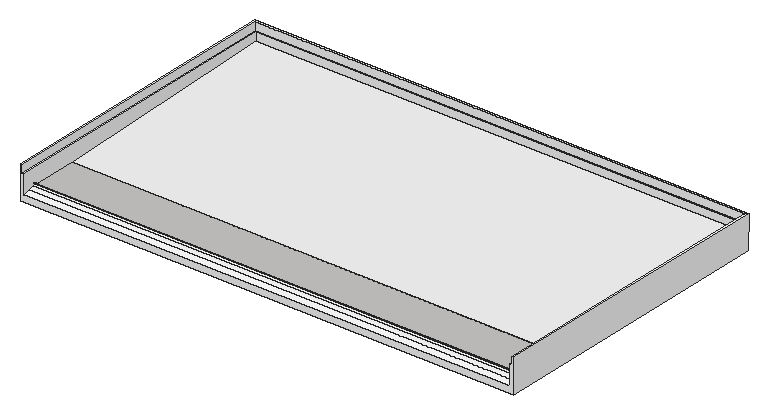
Revit family "Shower_Base-American_Standard-Townsend-6438AM-FCOL.218", category Plumbing Fixtures, Revit 2018 (continued)
Automatic sketch dimensions
  plane 11 to Extrusion 1 sketch curve = 5/256"
  plane 1 "Center (Front/Back)" to Extrusion 1 sketch curve = 1/8"
  Extrusion 1 sketch curve to plane 5 = 0.53013"
  Masking region 1 sketch curve to plane 4 = 0"
  Masking region 1 sketch curve to plane 9 = 0"
  Masking region 1 sketch curve to plane 8 = 0"
  plane 1 "Center (Front/Back)" to Masking region 1 sketch curve = 0"
  plane 1 "Center (Front/Back)" to Sweep 4 sketch curve = 0"
  Sweep 4 sketch curve to plane 9 = 0"
  Sweep 4 sketch curve to plane 8 = 0"
  Sweep 4 sketch curve to plane 4 = 0"  (x2)
  Sweep 4 sketch curve to level = 0"
  Sweep 4 sketch curve to profile plane = 0"
  profile plane to Sweep 4 sketch curve = 1/4"
  profile plane to Sweep 4 sketch curve = 1/2"
  level to Sweep 4 sketch curve = 3 11/32"
  Sweep 4 sketch curve to Sweep 4 sketch curve = 1"
  curve 505 to plane 4 = 0"
  curve 506 to plane 4 = 0"
  curve 507 to plane 4 = 0"
  curve 508 to plane 4 = 0"
  curve 3 to plane 9 = 1.63306"
  curve 7 to plane 9 = 1.63306"
  curve 10 to curve 10 = 0.02298"
  curve 3 to curve 4 = 0.02298"
  curve 4 to curve 5 = 0.02298"
  curve 9 to plane 6 = 0.93292"
  curve 10 to curve 9 = 0.02298"
  curve 13 to plane 6 = 0.77254"
  curve 9 to curve 13 = 0.94143"
  curve 4 to curve 29 = 0.94143"
  curve 13 to curve 14 = 0.02298"
  curve 30 to curve 30 = 0.02298"  (x2)
  curve 30 to curve 27 = 0.02298"
  curve 11 to plane 6 = 93/128"
  curve 14 to curve 11 = 0.02298"
  curve 27 to curve 3 = 0.12702"
  plane 6 to curve 7 = 35/128"
  curve 14 to curve 7 = 0.12702"
  curve 3 to curve 6 = 0.02298"
  curve 7 to curve 8 = 0.02298"
  curve 6 to curve 5 = 0.02298"
  plane 6 to curve 9 = 0.22746"
  curve 8 to curve 9 = 0.02298"
  curve 27 to curve 25 = 0.85536"
  curve 15 to plane 6 = 0.88695"
  curve 11 to curve 15 = 0.85536"
  curve 25 to curve 24 = 0.02298"
  curve 15 to curve 18 = 0.02298"
  curve 17 to plane 6 = 0.93292"
  curve 18 to curve 17 = 0.02298"
  plane 6 to curve 23 = 1.93279"
  curve 24 to curve 23 = 0.02298"
  curve 17 to curve 13 = 0.21309"
  plane 6 to curve 29 = 0.87029"
  curve 23 to curve 29 = 0.21309"
  curve 13 to curve 12 = 0.02298"
  curve 28 to curve 28 = 0.02298"
  curve 11 to plane 6 = 1.88695"
  curve 12 to curve 11 = 0.02298"
  plane 6 to curve 27 = 0.91625"
  curve 28 to curve 27 = 0.02298"
  curve 19 to plane 6 = 0.77254"
  curve 17 to curve 19 = 0.94143"
  plane 6 to curve 33 = 2.03067"
  curve 23 to curve 33 = 0.94143"
  curve 19 to curve 20 = 0.02298"
  curve 34 to curve 34 = 0.02298"
  curve 21 to plane 6 = 93/128"
  curve 20 to curve 21 = 0.02298"
  plane 6 to curve 31 = 2.07664"
  curve 34 to curve 31 = 0.02298"
  plane 6 to curve 15 = 35/128"
  curve 21 to curve 15 = 0.12702"
  curve 31 to curve 25 = 0.12702"
  curve 16 to curve 16 = 0.02298"
  curve 25 to curve 26 = 0.02298"
  plane 6 to curve 17 = 0.22746"
  curve 16 to curve 17 = 0.02298"
  plane 6 to curve 23 = 3.09317"
  curve 26 to curve 23 = 0.02298"
  curve 43 to plane 6 = 0.88695"
  curve 20 to curve 43 = 0.95136"
  plane 6 to curve 35 = 1.97875"
  curve 31 to curve 35 = 0.95136"
  curve 35 to curve 38 = 0.02298"
  curve 43 to curve 46 = 0.02298"
  curve 45 to plane 6 = 0.93292"
  curve 46 to curve 45 = 0.02298"
  plane 6 to curve 37 = 1.93279"
  curve 38 to curve 37 = 0.02298"
  plane 6 to curve 33 = 0.87029"
  curve 38 to curve 33 = 0.1171"
  curve 19 to plane 6 = 1.93292"
  curve 46 to curve 19 = 0.1171"
  curve 33 to curve 32 = 0.02298"
  curve 19 to curve 22 = 0.02298"
  plane 6 to curve 31 = 0.91625"
  curve 32 to curve 31 = 0.02298"
  curve 21 to plane 6 = 1.88695"
  curve 22 to curve 21 = 0.02298"
  curve 47 to plane 6 = 0.77254"
  curve 45 to curve 47 = 0.94143"
  plane 6 to curve 39 = 2.03067"
  curve 38 to curve 39 = 0.94143"
  curve 47 to curve 48 = 0.02298"
  curve 42 to curve 42 = 0.02298"
  plane 6 to curve 41 = 2.07664"
  curve 42 to curve 41 = 0.02298"
  curve 49 to plane 6 = 93/128"
  curve 48 to curve 49 = 0.02298"
  plane 6 to curve 43 = 35/128"
  curve 48 to curve 43 = 0.12702"
  plane 6 to curve 35 = 3.13914"
  curve 41 to curve 35 = 0.12702"
  curve 44 to curve 44 = 0.02298"
  curve 35 to curve 36 = 0.02298"
  plane 6 to curve 45 = 0.22746"
  curve 44 to curve 45 = 0.02298"
  plane 6 to curve 37 = 3.09317"
  curve 36 to curve 37 = 0.02298"
  curve 55 to plane 6 = 0.88695"
  curve 49 to curve 55 = 0.85536"
  plane 6 to curve 51 = 1.97875"
  curve 42 to curve 51 = 0.85536"
  curve 55 to curve 58 = 0.02298"
  curve 54 to curve 54 = 0.02298"
  curve 57 to plane 6 = 0.93292"
  curve 58 to curve 57 = 0.02298"
  plane 6 to curve 53 = 1.93279"
  curve 54 to curve 53 = 0.02298"
  curve 47 to plane 6 = 1.93292"
  curve 57 to curve 47 = 0.21309"
  plane 6 to curve 39 = 0.87029"
  curve 53 to curve 39 = 0.21309"
  curve 47 to curve 50 = 0.02298"
  curve 39 to curve 40 = 0.02298"
  plane 6 to curve 41 = 0.91625"
  curve 40 to curve 41 = 0.02298"
  curve 49 to plane 6 = 1.88695"
  curve 50 to curve 49 = 0.02298"
  plane 6 to curve 63 = 2.03067"
  curve 53 to curve 63 = 0.94143"
  curve 59 to plane 6 = 0.77254"
  curve 57 to curve 59 = 0.94143"
  curve 60 to curve 60 = 0.02298"
  curve 63 to curve 64 = 0.02298"
  curve 61 to plane 6 = 93/128"
  curve 60 to curve 61 = 0.02298"
  plane 6 to curve 65 = 2.07664"
  curve 64 to curve 65 = 0.02298"
  plane 6 to curve 51 = 3.13914"
  curve 65 to curve 51 = 0.12702"
  plane 6 to curve 55 = 35/128"
  curve 61 to curve 55 = 0.12702"
  curve 51 to curve 52 = 0.02298"
  curve 55 to curve 56 = 0.02298"
  plane 6 to curve 53 = 3.09317"
  curve 52 to curve 53 = 0.02298"
  plane 6 to curve 57 = 0.22746"
  curve 56 to curve 57 = 0.02298"
  plane 6 to curve 67 = 1.97875"
  curve 64 to curve 67 = 0.84093"
  curve 71 to plane 6 = 0.88695"
  curve 61 to curve 71 = 0.84093"
  curve 67 to curve 70 = 0.02298"
  curve 74 to curve 74 = 0.02298"
  curve 73 to plane 6 = 0.93292"
  curve 74 to curve 73 = 0.02298"
  plane 6 to curve 69 = 1.93279"
  curve 70 to curve 69 = 0.02298"
  curve 59 to plane 6 = 1.93292"
  curve 73 to curve 59 = 0.22752"
  plane 6 to curve 63 = 0.87029"
  curve 69 to curve 63 = 0.22752"
  curve 63 to curve 66 = 0.02298"
  curve 62 to curve 62 = 0.02298"
  curve 61 to plane 6 = 1.88695"
  curve 62 to curve 61 = 0.02298"
  plane 6 to curve 65 = 0.91625"
  curve 66 to curve 65 = 0.02298"
  curve 77 to plane 6 = 0.77254"
  curve 73 to curve 77 = 0.94143"
  plane 6 to curve 83 = 2.03067"
  curve 69 to curve 83 = 0.94143"
  curve 78 to curve 78 = 0.02298"
  curve 83 to curve 84 = 0.02298"
  curve 75 to plane 6 = 93/128"
  curve 78 to curve 75 = 0.02298"
  plane 6 to curve 85 = 2.07664"
  curve 84 to curve 85 = 0.02298"
  plane 6 to curve 71 = 35/128"
  curve 75 to curve 71 = 0.12702"
  plane 6 to curve 67 = 3.13914"
  curve 85 to curve 67 = 0.12702"
  curve 71 to curve 72 = 0.02298"
  curve 68 to curve 68 = 0.02298"
  plane 6 to curve 73 = 0.22746"
  curve 72 to curve 73 = 0.02298"
  plane 6 to curve 69 = 3.09317"
  curve 68 to curve 69 = 0.02298"
  curve 79 to plane 6 = 0.88695"
  curve 75 to curve 79 = 0.85536"
  plane 6 to curve 87 = 1.97875"
  curve 85 to curve 87 = 0.85536"
  curve 82 to curve 82 = 0.02298"
  curve 88 to curve 88 = 0.02298"
  plane 6 to curve 89 = 1.93279"
  curve 88 to curve 89 = 0.02298"
  curve 81 to plane 6 = 0.93292"
  curve 82 to curve 81 = 0.02298"
  curve 77 to plane 6 = 1.93292"
  curve 81 to curve 77 = 0.21309"
  plane 6 to curve 83 = 0.87029"
  curve 89 to curve 83 = 0.21309"
  curve 83 to curve 86 = 0.02298"
  curve 77 to curve 76 = 0.02298"
  curve 75 to plane 6 = 1.88695"
  curve 76 to curve 75 = 0.02298"
  plane 6 to curve 85 = 0.91625"
  curve 86 to curve 85 = 0.02298"
  plane 6 to curve 95 = 2.03067"
  curve 89 to curve 95 = 0.94143"
  curve 93 to plane 6 = 0.77254"
  curve 81 to curve 93 = 0.94143"
  curve 92 to curve 92 = 0.02298"
  curve 96 to curve 96 = 0.02298"
  plane 6 to curve 97 = 2.07664"
  curve 96 to curve 97 = 0.02298"
  curve 91 to plane 6 = 93/128"
  curve 92 to curve 91 = 0.02298"
  plane 6 to curve 87 = 3.13914"
  curve 97 to curve 87 = 0.12702"
  plane 6 to curve 79 = 35/128"
  curve 91 to curve 79 = 0.12702"
  curve 90 to curve 90 = 0.02298"
  curve 79 to curve 80 = 0.02298"
  plane 6 to curve 89 = 3.09317"
  curve 90 to curve 89 = 0.02298"
  plane 6 to curve 81 = 0.22746"
  curve 80 to curve 81 = 0.02298"
  plane 6 to curve 99 = 1.97875"
  curve 97 to curve 99 = 0.95136"
  curve 103 to plane 6 = 0.88695"
  curve 91 to curve 103 = 0.95136"
  curve 106 to curve 106 = 0.02298"
  curve 99 to curve 102 = 0.02298"
  curve 105 to plane 6 = 0.93292"
  curve 106 to curve 105 = 0.02298"
  plane 6 to curve 101 = 1.93279"
  curve 102 to curve 101 = 0.02298"
  curve 93 to plane 6 = 1.93292"
  curve 105 to curve 93 = 0.1171"
  plane 6 to curve 95 = 0.87029"
  curve 101 to curve 95 = 0.1171"
  curve 94 to curve 94 = 0.02298"
  curve 95 to curve 98 = 0.02298"
  curve 91 to plane 6 = 1.88695"
  curve 94 to curve 91 = 0.02298"
  plane 6 to curve 97 = 0.91625"
  curve 98 to curve 97 = 0.02298"
  curve 107 to plane 6 = 0.77254"
  curve 105 to curve 107 = 0.94143"
  plane 6 to curve 111 = 2.03067"
  curve 101 to curve 111 = 0.94143"
  curve 112 to curve 112 = 0.02298"
  curve 108 to curve 108 = 0.02298"
  curve 109 to plane 6 = 93/128"
  curve 108 to curve 109 = 0.02298"
  plane 6 to curve 113 = 2.07664"
  curve 112 to curve 113 = 0.02298"
  plane 6 to curve 103 = 35/128"
  curve 108 to curve 103 = 0.12702"
  plane 6 to curve 99 = 3.13914"
  curve 112 to curve 99 = 0.12702"
  curve 99 to curve 100 = 0.02298"
  curve 103 to curve 104 = 0.02298"
  plane 6 to curve 105 = 0.22746"
  curve 104 to curve 105 = 0.02298"
  plane 6 to curve 101 = 3.09317"
  curve 100 to curve 101 = 0.02298"
  curve 119 to plane 6 = 0.88695"
  curve 108 to curve 119 = 0.85536"
  plane 6 to curve 115 = 1.97875"
  curve 112 to curve 115 = 0.85536"
  curve 118 to curve 118 = 0.02298"
  curve 122 to curve 122 = 0.02298"
  plane 6 to curve 117 = 1.93279"
  curve 118 to curve 117 = 0.02298"
  curve 121 to plane 6 = 0.93292"
  curve 122 to curve 121 = 0.02298"
  curve 107 to plane 6 = 1.93292"
  curve 121 to curve 107 = 0.21309"
  plane 6 to curve 111 = 0.87029"
  curve 117 to curve 111 = 0.21309"
  curve 110 to curve 110 = 0.02298"
  curve 111 to curve 114 = 0.02298"
  plane 6 to curve 113 = 0.91625"
  curve 114 to curve 113 = 0.02298"
  curve 109 to plane 6 = 1.88695"
  curve 110 to curve 109 = 0.02298"
  curve 123 to plane 6 = 0.77254"
  curve 121 to curve 123 = 0.94143"
  plane 6 to curve 127 = 2.03067"
  curve 118 to curve 127 = 0.94143"
  curve 124 to curve 124 = 0.02298"
  curve 127 to curve 128 = 0.02298"
  plane 6 to curve 129 = 2.07664"
  curve 128 to curve 129 = 0.02298"
  curve 125 to plane 6 = 93/128"
  curve 124 to curve 125 = 0.02298"
  plane 6 to curve 119 = 35/128"
  curve 125 to curve 119 = 0.12702"
  plane 6 to curve 115 = 3.13914"
  curve 128 to curve 115 = 0.12702"
  curve 115 to curve 116 = 0.02298"
  curve 119 to curve 120 = 0.02298"
  plane 6 to curve 117 = 3.09317"
  curve 116 to curve 117 = 0.02298"
  plane 6 to curve 121 = 0.22746"
  curve 120 to curve 121 = 0.02298"
  plane 6 to curve 267 = 1.97875"
  curve 128 to curve 267 = 0.94148"
  curve 275 to plane 6 = 0.88695"
  curve 125 to curve 275 = 0.94148"
  curve 278 to curve 278 = 0.02298"
  curve 267 to curve 270 = 0.02298"
  plane 6 to curve 269 = 1.93279"
  curve 270 to curve 269 = 0.02298"
  curve 277 to plane 6 = 0.93292"
  curve 278 to curve 277 = 0.02298"
  curve 123 to plane 6 = 1.93292"
  curve 278 to curve 123 = 0.12698"
  plane 6 to curve 127 = 0.87029"
  curve 270 to curve 127 = 0.12698"
  curve 130 to curve 130 = 0.02298"
  curve 126 to curve 126 = 0.02298"
  curve 125 to plane 6 = 1.88695"
  curve 126 to curve 125 = 0.02298"
  plane 6 to curve 129 = 0.91625"
  curve 130 to curve 129 = 0.02298"
  curve 279 to plane 6 = 0.77254"
  curve 278 to curve 279 = 0.94143"
  plane 6 to curve 271 = 2.03067"
  curve 270 to curve 271 = 0.94143"
  curve 280 to curve 280 = 0.02298"
  curve 274 to curve 274 = 0.02298"
  curve 281 to plane 6 = 93/128"
  curve 280 to curve 281 = 0.02298"
  plane 6 to curve 273 = 2.07664"
  curve 274 to curve 273 = 0.02298"
  plane 6 to curve 267 = 3.13914"
  curve 273 to curve 267 = 0.12702"
  plane 6 to curve 275 = 35/128"
  curve 281 to curve 275 = 0.12702"
  curve 275 to curve 276 = 0.02298"
  curve 267 to curve 268 = 0.02298"
  plane 6 to curve 277 = 0.22746"
  curve 276 to curve 277 = 0.02298"
  plane 6 to curve 269 = 3.09317"
  curve 268 to curve 269 = 0.02298"
  curve 287 to plane 6 = 0.88695"
  curve 280 to curve 287 = 0.85536"
  plane 6 to curve 283 = 1.97875"
  curve 273 to curve 283 = 0.85536"
  curve 286 to curve 286 = 0.02298"
  curve 287 to curve 290 = 0.02298"
  plane 6 to curve 285 = 1.93279"
  curve 286 to curve 285 = 0.02298"
  curve 289 to plane 6 = 0.93292"
  curve 290 to curve 289 = 0.02298"
  plane 6 to curve 271 = 0.87029"
  curve 285 to curve 271 = 0.21309"
  curve 279 to plane 6 = 1.93292"
  curve 290 to curve 279 = 0.21309"
  curve 282 to curve 282 = 0.02298"
  curve 272 to curve 272 = 0.02298"
  curve 281 to plane 6 = 1.88695"
  curve 282 to curve 281 = 0.02298"
  plane 6 to curve 273 = 0.91625"
  curve 272 to curve 273 = 0.02298"
  curve 291 to plane 6 = 0.77254"
  curve 290 to curve 291 = 0.94143"
  plane 6 to curve 295 = 2.03067"
  curve 285 to curve 295 = 0.94143"
  curve 296 to curve 296 = 0.02298"
  curve 292 to curve 292 = 0.02298"
  curve 293 to plane 6 = 93/128"
  curve 292 to curve 293 = 0.02298"
  plane 6 to curve 297 = 2.07664"
  curve 296 to curve 297 = 0.02298"
  plane 6 to curve 287 = 35/128"
  curve 293 to curve 287 = 0.12702"
  plane 6 to curve 283 = 3.13914"
  curve 296 to curve 283 = 0.12702"
  curve 283 to curve 284 = 0.02298"
  curve 287 to curve 288 = 0.02298"
  plane 6 to curve 285 = 3.09317"
  curve 284 to curve 285 = 0.02298"
  plane 6 to curve 289 = 0.22746"
  curve 288 to curve 289 = 0.02298"
  plane 6 to curve 299 = 1.97875"
  curve 296 to curve 299 = 0.84093"
  curve 303 to plane 6 = 0.88695"
  curve 293 to curve 303 = 0.84093"
  curve 302 to curve 302 = 0.02298"
  curve 306 to curve 306 = 0.02298"
  curve 305 to plane 6 = 0.93292"
  curve 306 to curve 305 = 0.02298"
  plane 6 to curve 301 = 1.93279"
  curve 302 to curve 301 = 0.02298"
  curve 291 to plane 6 = 1.93292"
  curve 305 to curve 291 = 0.22752"
  plane 6 to curve 295 = 0.87029"
  curve 301 to curve 295 = 0.22752"
  curve 294 to curve 294 = 0.02298"
  curve 295 to curve 298 = 0.02298"
  curve 293 to plane 6 = 1.88695"
  curve 294 to curve 293 = 0.02298"
  plane 6 to curve 297 = 0.91625"
  curve 298 to curve 297 = 0.02298"
  curve 309 to plane 6 = 0.77254"
  curve 305 to curve 309 = 0.94143"
  plane 6 to curve 315 = 2.03067"
  curve 301 to curve 315 = 0.94143"
  curve 316 to curve 316 = 0.02298"
  curve 310 to curve 310 = 0.02298"
  plane 6 to curve 317 = 2.07664"
  curve 316 to curve 317 = 0.02298"
  curve 307 to plane 6 = 93/128"
  curve 310 to curve 307 = 0.02298"
  plane 6 to curve 303 = 35/128"
  curve 307 to curve 303 = 0.12702"
  plane 6 to curve 299 = 3.13914"
  curve 317 to curve 299 = 0.12702"
  curve 304 to curve 304 = 0.02298"
  curve 300 to curve 300 = 0.02298"
  plane 6 to curve 301 = 3.09317"
  curve 300 to curve 301 = 0.02298"
  plane 6 to curve 305 = 0.22746"
  curve 304 to curve 305 = 0.02298"
  curve 311 to plane 6 = 0.88695"
  curve 307 to curve 311 = 0.85536"
  plane 6 to curve 319 = 1.97875"
  curve 317 to curve 319 = 0.85536"
  curve 319 to curve 320 = 0.02298"
  curve 314 to curve 314 = 0.02298"
  curve 313 to plane 6 = 0.93292"
  curve 314 to curve 313 = 0.02298"
  plane 6 to curve 321 = 1.93279"
  curve 320 to curve 321 = 0.02298"
  plane 6 to curve 315 = 0.87029"
  curve 321 to curve 315 = 0.21309"
  curve 309 to plane 6 = 1.93292"
  curve 313 to curve 309 = 0.21309"
  curve 318 to curve 318 = 0.02298"
  curve 308 to curve 308 = 0.02298"
  plane 6 to curve 317 = 0.91625"
  curve 318 to curve 317 = 0.02298"
  curve 307 to plane 6 = 1.88695"
  curve 308 to curve 307 = 0.02298"
  curve 325 to plane 6 = 0.77254"
  curve 313 to curve 325 = 0.94143"
  plane 6 to curve 327 = 2.03067"
  curve 321 to curve 327 = 0.94143"
  curve 327 to curve 328 = 0.02298"
  curve 324 to curve 324 = 0.02298"
  curve 323 to plane 6 = 93/128"
  curve 324 to curve 323 = 0.02298"
  plane 6 to curve 329 = 2.07664"
  curve 328 to curve 329 = 0.02298"
  plane 6 to curve 311 = 35/128"
  curve 323 to curve 311 = 0.12702"
  plane 6 to curve 319 = 3.13914"
  curve 329 to curve 319 = 0.12702"
  curve 319 to curve 322 = 0.02298"
  curve 312 to curve 312 = 0.02298"
  plane 6 to curve 321 = 3.09317"
  curve 322 to curve 321 = 0.02298"
  plane 6 to curve 313 = 0.22746"
  curve 312 to curve 313 = 0.02298"
  plane 6 to curve 331 = 1.97875"
  curve 329 to curve 331 = 0.95136"
  curve 335 to plane 6 = 0.88695"
  curve 323 to curve 335 = 0.95136"
  curve 331 to curve 334 = 0.02298"
  curve 338 to curve 338 = 0.02298"
  curve 337 to plane 6 = 0.93292"
  curve 338 to curve 337 = 0.02298"
  plane 6 to curve 333 = 1.93279"
  curve 334 to curve 333 = 0.02298"
  curve 325 to plane 6 = 1.93292"
  curve 337 to curve 325 = 0.1171"
  plane 6 to curve 327 = 0.87029"
  curve 333 to curve 327 = 0.1171"
  curve 326 to curve 326 = 0.02298"
  curve 330 to curve 330 = 0.02298"
  curve 323 to plane 6 = 1.88695"
  curve 326 to curve 323 = 0.02298"
  plane 6 to curve 329 = 0.91625"
  curve 330 to curve 329 = 0.02298"
  curve 339 to plane 6 = 0.77254"
  curve 337 to curve 339 = 0.94143"
  plane 6 to curve 343 = 2.03067"
  curve 333 to curve 343 = 0.94143"
  curve 344 to curve 344 = 0.02298"
  curve 339 to curve 340 = 0.02298"
  plane 6 to curve 345 = 2.07664"
  curve 344 to curve 345 = 0.02298"
  curve 341 to plane 6 = 93/128"
  curve 340 to curve 341 = 0.02298"
  plane 6 to curve 335 = 35/128"
  curve 341 to curve 335 = 0.12702"
  plane 6 to curve 331 = 3.13914"
  curve 345 to curve 331 = 0.12702"
  curve 336 to curve 336 = 0.02298"
  curve 331 to curve 332 = 0.02298"
  plane 6 to curve 337 = 0.22746"
  curve 336 to curve 337 = 0.02298"
  curve 332 to curve 333 = 0.02298"
  plane 6 to curve 347 = 1.97875"
  curve 344 to curve 347 = 0.85536"
  curve 351 to plane 6 = 0.88695"
  curve 341 to curve 351 = 0.85536"
  curve 350 to curve 350 = 0.02298"
  curve 354 to curve 354 = 0.02298"
  plane 6 to curve 349 = 1.93279"
  curve 350 to curve 349 = 0.02298"
  curve 353 to plane 6 = 0.93292"
  curve 354 to curve 353 = 0.02298"
  curve 339 to plane 6 = 1.93292"
  curve 353 to curve 339 = 0.21309"
  plane 6 to curve 343 = 0.87029"
  curve 349 to curve 343 = 0.21309"
  curve 342 to curve 342 = 0.02298"
  curve 343 to curve 346 = 0.02298"
  curve 341 to plane 6 = 1.88695"
  curve 342 to curve 341 = 0.02298"
  plane 6 to curve 345 = 0.91625"
  curve 346 to curve 345 = 0.02298"
  plane 6 to curve 359 = 2.03067"
  curve 349 to curve 359 = 0.94143"
  curve 355 to plane 6 = 0.77254"
  curve 353 to curve 355 = 0.94143"
  curve 360 to curve 360 = 0.02298"
  curve 356 to curve 356 = 0.02298"
  curve 357 to plane 6 = 93/128"
  curve 356 to curve 357 = 0.02298"
  plane 6 to curve 361 = 2.07664"
  curve 360 to curve 361 = 0.02298"
  curve 360 to curve 347 = 0.12702"
  plane 6 to curve 351 = 35/128"
  curve 357 to curve 351 = 0.12702"
  curve 348 to curve 348 = 0.02298"
  curve 351 to curve 352 = 0.02298"
  plane 6 to curve 353 = 0.22746"
  curve 352 to curve 353 = 0.02298"
  curve 348 to curve 349 = 0.02298"
  curve 361 to curve 363 = 0.95292"
  curve 367 to plane 6 = 0.88695"
  curve 357 to curve 367 = 0.95292"
  curve 363 to curve 366 = 0.02298"
  curve 370 to curve 370 = 0.02298"
  plane 6 to curve 365 = 1.93279"
  curve 366 to curve 365 = 0.02298"
  curve 369 to plane 6 = 0.93292"
  curve 370 to curve 369 = 0.02298"
  plane 6 to curve 359 = 0.87029"
  curve 366 to curve 359 = 0.11553"
  curve 369 to curve 355 = 0.11553"
  curve 355 to curve 358 = 0.02298"
  curve 362 to curve 362 = 0.02298"
  curve 357 to plane 6 = 1.88695"
  curve 358 to curve 357 = 0.02298"
  plane 6 to curve 361 = 0.91625"
  curve 362 to curve 361 = 0.02298"
  curve 366 to curve 375 = 0.94143"
  curve 371 to plane 6 = 0.77254"
  curve 369 to curve 371 = 0.94143"
  curve 371 to curve 372 = 0.02298"
  curve 376 to curve 376 = 0.02298"  (x2)
  curve 376 to curve 377 = 0.02298"
  curve 373 to plane 6 = 93/128"
  curve 372 to curve 373 = 0.02298"
  plane 6 to curve 367 = 35/128"
  curve 373 to curve 367 = 0.12702"
  curve 377 to curve 363 = 0.12702"
  curve 363 to curve 364 = 0.02298"
  curve 368 to curve 368 = 0.02298"
  curve 364 to curve 365 = 0.02298"
  plane 6 to curve 369 = 0.22746"
  curve 368 to curve 369 = 0.02298"
  curve 373 to curve 383 = 0.85536"
  curve 376 to curve 379 = 0.85536"
  curve 382 to curve 382 = 0.02298"  (x2)
  curve 386 to curve 386 = 0.02298"  (x2)
  curve 385 to plane 6 = 0.93292"
  curve 386 to curve 385 = 0.02298"
  curve 382 to curve 381 = 0.02298"
  curve 385 to curve 371 = 0.21309"
  curve 381 to curve 375 = 0.21309"
  curve 378 to curve 378 = 0.02298"  (x2)
  curve 374 to curve 374 = 0.02298"  (x2)
  curve 374 to curve 373 = 0.02298"
  curve 378 to curve 377 = 0.02298"
  curve 391 to plane 3 "Center (Left/Right)" = 0.60594"
  curve 387 to plane 3 "Center (Left/Right)" = 0.60594"
  curve 388 to curve 388 = 0.02298"  (x2)
  curve 392 to curve 392 = 0.02298"  (x2)
  curve 388 to curve 389 = 0.02298"
  curve 392 to curve 393 = 0.02298"
  curve 379 to plane 3 "Center (Left/Right)" = 0.43295"
  curve 383 to plane 3 "Center (Left/Right)" = 0.43295"
  curve 383 to curve 384 = 0.02298"
  curve 380 to curve 380 = 0.02298"
  curve 384 to curve 385 = 0.02298"
  curve 380 to curve 381 = 0.02298"
  plane 3 "Center (Left/Right)" to curve 131 = 0.20928"
  plane 3 "Center (Left/Right)" to curve 135 = 0.20928"
  curve 138 to curve 138 = 0.02298"
  curve 134 to curve 134 = 0.02298"  (x2)
  curve 134 to curve 133 = 0.02298"
  curve 138 to curve 137 = 0.02298"
  plane 3 "Center (Left/Right)" to curve 387 = 0.55444"
  plane 3 "Center (Left/Right)" to curve 391 = 0.55444"
  curve 387 to curve 390 = 0.02298"  (x2)
  curve 394 to curve 394 = 0.02298"  (x2)
  curve 390 to curve 389 = 0.02298"
  curve 394 to curve 393 = 0.02298"
  curve 138 to curve 139 = 0.94143"
  curve 134 to curve 143 = 0.94143"
  curve 140 to curve 140 = 0.02298"  (x2)
  curve 144 to curve 144 = 0.02298"  (x2)
  curve 140 to curve 141 = 0.02298"
  curve 144 to curve 145 = 0.02298"
  plane 6 to curve 131 = 35/128"
  curve 394 to curve 131 = 0.76926"
  curve 141 to curve 135 = 0.12702"
  curve 132 to curve 132 = 0.02298"
  curve 135 to curve 136 = 0.02298"
  plane 6 to curve 133 = 0.22746"
  curve 132 to curve 133 = 0.02298"
  curve 136 to curve 137 = 0.02298"
  curve 151 to plane 6 = 0.88695"
  curve 144 to curve 151 = 0.95136"
  curve 141 to curve 147 = 0.95136"
  curve 154 to curve 154 = 0.02298"
  curve 147 to curve 150 = 0.02298"
  curve 153 to plane 6 = 0.93292"
  curve 154 to curve 153 = 0.02298"
  curve 150 to curve 149 = 0.02298"
  curve 153 to curve 143 = 0.1171"
  plane 6 to curve 139 = 0.87029"
  curve 150 to curve 139 = 0.1171"
  curve 142 to curve 142 = 0.02298"
  curve 146 to curve 146 = 0.02298"  (x2)
  plane 6 to curve 141 = 0.91625"
  curve 142 to curve 141 = 0.02298"
  curve 146 to curve 145 = 0.02298"
  curve 161 to plane 6 = 0.77254"
  curve 154 to curve 161 = 0.94143"
  curve 150 to curve 155 = 0.94143"
  curve 161 to curve 160 = 0.02298"
  curve 155 to curve 156 = 0.02298"  (x2)
  curve 156 to curve 157 = 0.02298"
  curve 159 to plane 6 = 93/128"
  curve 160 to curve 159 = 0.02298"
  curve 156 to curve 147 = 0.12702"
  plane 6 to curve 151 = 35/128"
  curve 160 to curve 151 = 0.12702"
  curve 147 to curve 148 = 0.02298"
  curve 152 to curve 152 = 0.02298"
  plane 6 to curve 153 = 0.22746"
  curve 152 to curve 153 = 0.02298"
  curve 148 to curve 149 = 0.02298"
  plane 6 to curve 163 = 1.97875"
  curve 156 to curve 163 = 0.85536"
  curve 167 to plane 6 = 0.88695"
  curve 160 to curve 167 = 0.85536"
  curve 167 to curve 170 = 0.02298"
  curve 163 to curve 166 = 0.02298"
  curve 169 to plane 6 = 0.93292"
  curve 170 to curve 169 = 0.02298"
  plane 6 to curve 165 = 1.93279"
  curve 166 to curve 165 = 0.02298"
  curve 161 to plane 6 = 1.93292"
  curve 170 to curve 161 = 0.21309"
  plane 6 to curve 155 = 0.87029"
  curve 166 to curve 155 = 0.21309"
  curve 161 to curve 162 = 0.02298"
  curve 158 to curve 158 = 0.02298"
  plane 6 to curve 157 = 0.91625"
  curve 158 to curve 157 = 0.02298"
  curve 159 to plane 6 = 1.88695"
  curve 162 to curve 159 = 0.02298"
  curve 171 to plane 6 = 0.77254"
  curve 170 to curve 171 = 0.94143"
  plane 6 to curve 179 = 2.03067"
  curve 166 to curve 179 = 0.94143"
  curve 179 to curve 180 = 0.02298"
  curve 171 to curve 172 = 0.02298"
  curve 173 to plane 6 = 93/128"
  curve 172 to curve 173 = 0.02298"
  plane 6 to curve 181 = 2.07664"
  curve 180 to curve 181 = 0.02298"
  curve 180 to curve 163 = 0.12702"
  plane 6 to curve 167 = 35/128"
  curve 172 to curve 167 = 0.12702"
  curve 167 to curve 168 = 0.02298"
  curve 163 to curve 164 = 0.02298"
  curve 164 to curve 165 = 0.02298"
  plane 6 to curve 169 = 0.22746"
  curve 168 to curve 169 = 0.02298"
  curve 175 to plane 6 = 0.88695"
  curve 172 to curve 175 = 0.84093"
  plane 6 to curve 183 = 1.97875"
  curve 180 to curve 183 = 0.84093"
  curve 183 to curve 186 = 0.02298"
  curve 175 to curve 178 = 0.02298"
  curve 177 to plane 6 = 0.93292"
  curve 178 to curve 177 = 0.02298"
  plane 6 to curve 185 = 1.93279"
  curve 186 to curve 185 = 0.02298"
  plane 6 to curve 179 = 0.87029"
  curve 186 to curve 179 = 0.22752"
  curve 171 to plane 6 = 1.93292"
  curve 177 to curve 171 = 0.22752"
  curve 182 to curve 182 = 0.02298"
  curve 174 to curve 174 = 0.02298"
  curve 173 to plane 6 = 1.88695"
  curve 174 to curve 173 = 0.02298"
  plane 6 to curve 181 = 0.91625"
  curve 182 to curve 181 = 0.02298"
  curve 191 to plane 6 = 0.77254"
  curve 177 to curve 191 = 0.94143"
  plane 6 to curve 187 = 2.03067"
  curve 186 to curve 187 = 0.94143"
  curve 187 to curve 190 = 0.02298"
  curve 192 to curve 192 = 0.02298"
  curve 193 to plane 6 = 93/128"
  curve 192 to curve 193 = 0.02298"
  plane 6 to curve 189 = 2.07664"
  curve 190 to curve 189 = 0.02298"
  plane 6 to curve 175 = 35/128"
  curve 192 to curve 175 = 0.12702"
  plane 6 to curve 183 = 3.13914"
  curve 189 to curve 183 = 0.12702"
  curve 183 to curve 184 = 0.02298"
  curve 176 to curve 176 = 0.02298"
  plane 6 to curve 177 = 0.22746"
  curve 176 to curve 177 = 0.02298"
  plane 6 to curve 185 = 3.09317"
  curve 184 to curve 185 = 0.02298"
  plane 6 to curve 203 = 1.97875"
  curve 189 to curve 203 = 0.85536"
  curve 201 to plane 6 = 0.88695"
  curve 193 to curve 201 = 0.85536"
  curve 200 to curve 200 = 0.02298"
  curve 203 to curve 206 = 0.02298"
  curve 199 to plane 6 = 0.93292"
  curve 200 to curve 199 = 0.02298"
  plane 6 to curve 205 = 1.93279"
  curve 206 to curve 205 = 0.02298"
  curve 191 to plane 6 = 1.93292"
  curve 199 to curve 191 = 0.21309"
  plane 6 to curve 187 = 0.87029"
  curve 206 to curve 187 = 0.21309"
  curve 194 to curve 194 = 0.02298"
  curve 188 to curve 188 = 0.02298"
  curve 193 to plane 6 = 1.88695"
  curve 194 to curve 193 = 0.02298"
  plane 6 to curve 189 = 0.91625"
  curve 188 to curve 189 = 0.02298"
  plane 6 to curve 207 = 2.03067"
  curve 206 to curve 207 = 0.94143"
  curve 195 to plane 6 = 0.77254"
  curve 200 to curve 195 = 0.94143"
  curve 196 to curve 196 = 0.02298"
  curve 208 to curve 208 = 0.02298"
  curve 197 to plane 6 = 93/128"
  curve 196 to curve 197 = 0.02298"
  plane 6 to curve 209 = 2.07664"
  curve 208 to curve 209 = 0.02298"
  plane 6 to curve 201 = 35/128"
  curve 197 to curve 201 = 0.12702"
  plane 6 to curve 203 = 3.13914"
  curve 209 to curve 203 = 0.12702"
  curve 201 to curve 202 = 0.02298"
  curve 203 to curve 204 = 0.02298"
  plane 6 to curve 205 = 3.09317"
  curve 204 to curve 205 = 0.02298"
  plane 6 to curve 199 = 0.22746"
  curve 202 to curve 199 = 0.02298"
  plane 6 to curve 211 = 1.97875"
  curve 209 to curve 211 = 0.95136"
  curve 215 to plane 6 = 0.88695"
  curve 197 to curve 215 = 0.95136"
  curve 214 to curve 214 = 0.02298"
  curve 218 to curve 218 = 0.02298"
  curve 217 to plane 6 = 0.93292"
  curve 218 to curve 217 = 0.02298"
  plane 6 to curve 213 = 1.93279"
  curve 214 to curve 213 = 0.02298"
  curve 195 to plane 6 = 1.93292"
  curve 217 to curve 195 = 0.1171"
  plane 6 to curve 207 = 0.87029"
  curve 213 to curve 207 = 0.1171"
  curve 210 to curve 210 = 0.02298"
  curve 198 to curve 198 = 0.02298"
  plane 6 to curve 209 = 0.91625"
  curve 210 to curve 209 = 0.02298"
  curve 197 to plane 6 = 1.88695"
  curve 198 to curve 197 = 0.02298"
  curve 219 to plane 6 = 0.77254"
  curve 217 to curve 219 = 0.94143"
  plane 6 to curve 227 = 2.03067"
  curve 214 to curve 227 = 0.94143"
  curve 228 to curve 228 = 0.02298"
  curve 220 to curve 220 = 0.02298"
  plane 6 to curve 229 = 2.07664"
  curve 228 to curve 229 = 0.02298"
  curve 221 to plane 6 = 93/128"
  curve 220 to curve 221 = 0.02298"
  plane 6 to curve 215 = 35/128"
  curve 221 to curve 215 = 0.12702"
  plane 6 to curve 211 = 3.13914"
  curve 229 to curve 211 = 0.12702"
  curve 216 to curve 216 = 0.02298"
  curve 211 to curve 212 = 0.02298"
  plane 6 to curve 213 = 3.09317"
  curve 212 to curve 213 = 0.02298"
  plane 6 to curve 217 = 0.22746"
  curve 216 to curve 217 = 0.02298"
  curve 223 to plane 6 = 0.88695"
  curve 221 to curve 223 = 0.85536"
  plane 6 to curve 231 = 1.97875"
  curve 229 to curve 231 = 0.85536"
  curve 223 to curve 226 = 0.02298"
  curve 231 to curve 234 = 0.02298"
  curve 225 to plane 6 = 0.93292"
  curve 226 to curve 225 = 0.02298"
  plane 6 to curve 233 = 1.93279"
  curve 234 to curve 233 = 0.02298"
  plane 6 to curve 227 = 0.87029"
  curve 233 to curve 227 = 0.21309"
  curve 219 to plane 6 = 1.93292"
  curve 226 to curve 219 = 0.21309"
  curve 230 to curve 230 = 0.02298"
  curve 222 to curve 222 = 0.02298"
  curve 221 to plane 6 = 1.88695"
  curve 222 to curve 221 = 0.02298"
  plane 6 to curve 229 = 0.91625"
  curve 230 to curve 229 = 0.02298"
  plane 6 to curve 235 = 2.03067"
  curve 234 to curve 235 = 0.94143"
  curve 239 to plane 6 = 0.77254"
  curve 226 to curve 239 = 0.94143"
  curve 235 to curve 236 = 0.02298"
  curve 240 to curve 240 = 0.02298"
  plane 6 to curve 237 = 2.07664"
  curve 236 to curve 237 = 0.02298"
  curve 241 to plane 6 = 93/128"
  curve 240 to curve 241 = 0.02298"
  plane 6 to curve 231 = 3.13914"
  curve 237 to curve 231 = 0.12702"
  plane 6 to curve 223 = 35/128"
  curve 241 to curve 223 = 0.12702"
  curve 223 to curve 224 = 0.02298"
  curve 231 to curve 232 = 0.02298"
  plane 6 to curve 225 = 0.22746"
  curve 224 to curve 225 = 0.02298"
  plane 6 to curve 233 = 3.09317"
  curve 232 to curve 233 = 0.02298"
  curve 243 to plane 6 = 0.88695"
  curve 241 to curve 243 = 0.85916"
  plane 6 to curve 247 = 1.97875"
  curve 237 to curve 247 = 0.85916"
  curve 247 to curve 250 = 0.02298"
  curve 246 to curve 246 = 0.02298"
  plane 6 to curve 249 = 1.93279"
  curve 250 to curve 249 = 0.02298"
  curve 245 to plane 6 = 0.93292"
  curve 246 to curve 245 = 0.02298"
  plane 6 to curve 235 = 0.87029"
  curve 250 to curve 235 = 0.20929"
  curve 239 to plane 6 = 1.93292"
  curve 246 to curve 239 = 0.20929"
  curve 242 to curve 242 = 0.02298"
  curve 235 to curve 238 = 0.02298"
  curve 241 to plane 6 = 1.88695"
  curve 242 to curve 241 = 0.02298"
  plane 6 to curve 237 = 0.91625"
  curve 238 to curve 237 = 0.02298"
  plane 6 to curve 251 = 2.03067"
  curve 250 to curve 251 = 0.94143"
  curve 255 to plane 6 = 0.77254"
  curve 246 to curve 255 = 0.94143"
  curve 256 to curve 256 = 0.02298"
  curve 251 to curve 252 = 0.02298"
  plane 6 to curve 253 = 2.07664"
  curve 252 to curve 253 = 0.02298"
  curve 257 to plane 6 = 93/128"
  curve 256 to curve 257 = 0.02298"
  plane 6 to curve 247 = 3.13914"
  curve 253 to curve 247 = 0.12702"
  plane 6 to curve 243 = 35/128"
  curve 257 to curve 243 = 0.12702"
  curve 244 to curve 244 = 0.02298"
  curve 248 to curve 248 = 0.02298"
  plane 6 to curve 249 = 3.09317"
  curve 248 to curve 249 = 0.02298"
  plane 6 to curve 245 = 0.22746"
  curve 244 to curve 245 = 0.02298"
  curve 263 to plane 6 = 0.88695"
  curve 257 to curve 263 = 0.95136"
  plane 6 to curve 259 = 1.97875"
  curve 252 to curve 259 = 0.95136"
  curve 262 to curve 262 = 0.02298"
  curve 266 to curve 266 = 0.02298"
  plane 6 to curve 261 = 1.93279"
  curve 262 to curve 261 = 0.02298"
  curve 265 to plane 6 = 0.93292"
  curve 266 to curve 265 = 0.02298"
  plane 6 to curve 251 = 0.87029"
  curve 261 to curve 251 = 0.1171"
  curve 255 to plane 6 = 1.93292"
  curve 265 to curve 255 = 0.1171"
  curve 255 to curve 258 = 0.02298"
  curve 251 to curve 254 = 0.02298"
  curve 257 to plane 6 = 1.88695"
  curve 258 to curve 257 = 0.02298"
  plane 6 to curve 253 = 0.91625"
  curve 254 to curve 253 = 0.02298"
  plane 6 to curve 395 = 2.03067"
  curve 261 to curve 395 = 0.98954"
  curve 399 to plane 6 = 0.77254"
  curve 265 to curve 399 = 0.98954"
  curve 399 to curve 400 = 0.02298"
  curve 395 to curve 398 = 0.02298"
  curve 401 to plane 6 = 93/128"
  curve 400 to curve 401 = 0.02298"
  plane 6 to curve 397 = 2.07664"
  curve 398 to curve 397 = 0.02298"
  plane 6 to curve 263 = 35/128"
  curve 401 to curve 263 = 0.07891"
  plane 6 to curve 259 = 3.13914"
  curve 398 to curve 259 = 0.07891"
  curve 260 to curve 260 = 0.02298"
  curve 264 to curve 264 = 0.02298"
  plane 6 to curve 265 = 0.22746"
  curve 264 to curve 265 = 0.02298"
  plane 6 to curve 261 = 3.09317"
  curve 260 to curve 261 = 0.02298"
  curve 409 to plane 6 = 0.88695"
  curve 401 to curve 409 = 0.85536"
  plane 6 to curve 411 = 1.97875"
  curve 398 to curve 411 = 0.85536"
  curve 411 to curve 414 = 0.02298"
  curve 408 to curve 408 = 0.02298"
  plane 6 to curve 413 = 1.93279"
  curve 414 to curve 413 = 0.02298"
  curve 407 to plane 6 = 0.93292"
  curve 408 to curve 407 = 0.02298"
  curve 399 to plane 6 = 1.93292"
  curve 408 to curve 399 = 0.21309"
  plane 6 to curve 395 = 0.87029"
  curve 414 to curve 395 = 0.21309"
  curve 402 to curve 402 = 0.02298"
  curve 396 to curve 396 = 0.02298"
  curve 401 to plane 6 = 1.88695"
  curve 402 to curve 401 = 0.02298"
  plane 6 to curve 397 = 0.91625"
  curve 396 to curve 397 = 0.02298"
  plane 6 to curve 415 = 2.03067"
  curve 414 to curve 415 = 0.94143"
  curve 403 to plane 6 = 0.77254"
  curve 408 to curve 403 = 0.94143"
  curve 404 to curve 404 = 0.02298"
  curve 416 to curve 416 = 0.02298"
  curve 405 to plane 6 = 93/128"
  curve 404 to curve 405 = 0.02298"
  plane 6 to curve 417 = 2.07664"
  curve 416 to curve 417 = 0.02298"
  plane 6 to curve 411 = 3.13914"
  curve 417 to curve 411 = 0.12702"
  plane 6 to curve 409 = 35/128"
  curve 405 to curve 409 = 0.12702"
  curve 409 to curve 410 = 0.02298"
  curve 411 to curve 412 = 0.02298"
  plane 6 to curve 413 = 3.09317"
  curve 412 to curve 413 = 0.02298"
  plane 6 to curve 407 = 0.22746"
  curve 410 to curve 407 = 0.02298"
  curve 423 to plane 6 = 0.88695"
  curve 405 to curve 423 = 0.95136"
  plane 6 to curve 419 = 1.97875"
  curve 416 to curve 419 = 0.95136"
  curve 422 to curve 422 = 0.02298"
  curve 426 to curve 426 = 0.02298"
  plane 6 to curve 421 = 1.93279"
  curve 422 to curve 421 = 0.02298"
  curve 425 to plane 6 = 0.93292"
  curve 426 to curve 425 = 0.02298"
  plane 6 to curve 415 = 0.87029"
  curve 422 to curve 415 = 0.1171"
  curve 403 to plane 6 = 1.93292"
  curve 425 to curve 403 = 0.1171"
  curve 415 to curve 418 = 0.02298"
  curve 403 to curve 406 = 0.02298"
  curve 405 to plane 6 = 1.88695"
  curve 406 to curve 405 = 0.02298"
  plane 6 to curve 417 = 0.91625"
  curve 418 to curve 417 = 0.02298"
  curve 427 to plane 6 = 0.77254"
  curve 425 to curve 427 = 0.94143"
  plane 6 to curve 435 = 2.03067"
  curve 422 to curve 435 = 0.94143"
  curve 436 to curve 436 = 0.02298"
  curve 428 to curve 428 = 0.02298"
  curve 429 to plane 6 = 93/128"
  curve 428 to curve 429 = 0.02298"
  plane 6 to curve 437 = 2.07664"
  curve 436 to curve 437 = 0.02298"
  plane 6 to curve 423 = 35/128"
  curve 429 to curve 423 = 0.12702"
  plane 6 to curve 419 = 3.13914"
  curve 437 to curve 419 = 0.12702"
  curve 420 to curve 420 = 0.02298"
  curve 423 to curve 424 = 0.02298"
  plane 6 to curve 421 = 3.09317"
  curve 420 to curve 421 = 0.02298"
  plane 6 to curve 425 = 0.22746"
  curve 424 to curve 425 = 0.02298"
  plane 6 to curve 439 = 1.97875"
  curve 437 to curve 439 = 0.85536"
  curve 431 to plane 6 = 0.88695"
  curve 429 to curve 431 = 0.85536"
  curve 431 to curve 434 = 0.02298"
  curve 439 to curve 442 = 0.02298"
  plane 6 to curve 441 = 1.93279"
  curve 442 to curve 441 = 0.02298"
  curve 433 to plane 6 = 0.93292"
  curve 434 to curve 433 = 0.02298"
  curve 427 to plane 6 = 1.93292"
  curve 433 to curve 427 = 0.21309"
  plane 6 to curve 435 = 0.87029"
  curve 442 to curve 435 = 0.21309"
  curve 438 to curve 438 = 0.02298"
  curve 430 to curve 430 = 0.02298"
  curve 429 to plane 6 = 1.88695"
  curve 430 to curve 429 = 0.02298"
  plane 6 to curve 437 = 0.91625"
  curve 438 to curve 437 = 0.02298"
  curve 447 to plane 6 = 0.77254"
  curve 433 to curve 447 = 0.94143"
  plane 6 to curve 443 = 2.03067"
  curve 442 to curve 443 = 0.94143"
  curve 448 to curve 448 = 0.02298"
  curve 444 to curve 444 = 0.02298"
  plane 6 to curve 445 = 2.07664"
  curve 444 to curve 445 = 0.02298"
  curve 449 to plane 6 = 93/128"
  curve 448 to curve 449 = 0.02298"
  plane 6 to curve 439 = 3.13914"
  curve 445 to curve 439 = 0.12702"
  plane 6 to curve 431 = 35/128"
  curve 448 to curve 431 = 0.12702"
  curve 431 to curve 432 = 0.02298"
  curve 440 to curve 440 = 0.02298"
  plane 6 to curve 441 = 3.09317"
  curve 440 to curve 441 = 0.02298"
  plane 6 to curve 433 = 0.22746"
  curve 432 to curve 433 = 0.02298"
  plane 6 to curve 455 = 1.97875"
  curve 445 to curve 455 = 0.85916"
  curve 451 to plane 6 = 0.88695"
  curve 448 to curve 451 = 0.85916"
  curve 455 to curve 458 = 0.02298"
  curve 451 to curve 454 = 0.02298"
  plane 6 to curve 457 = 1.93279"
  curve 458 to curve 457 = 0.02298"
  curve 453 to plane 6 = 0.93292"
  curve 454 to curve 453 = 0.02298"
  curve 447 to plane 6 = 1.93292"
  curve 454 to curve 447 = 0.20929"
  plane 6 to curve 443 = 0.87029"
  curve 458 to curve 443 = 0.20929"
  curve 443 to curve 446 = 0.02298"
  curve 450 to curve 450 = 0.02298"
  curve 449 to plane 6 = 1.88695"
  curve 450 to curve 449 = 0.02298"
  plane 6 to curve 445 = 0.91625"
  curve 446 to curve 445 = 0.02298"
  curve 463 to plane 6 = 0.77254"
  curve 454 to curve 463 = 0.94143"
  plane 6 to curve 459 = 2.03067"
  curve 458 to curve 459 = 0.94143"
  curve 464 to curve 464 = 0.02298"
  curve 459 to curve 460 = 0.02298"
  curve 465 to plane 6 = 93/128"
  curve 464 to curve 465 = 0.02298"
  plane 6 to curve 461 = 2.07664"
  curve 460 to curve 461 = 0.02298"
  plane 6 to curve 451 = 35/128"
  curve 465 to curve 451 = 0.12702"
  plane 6 to curve 455 = 3.13914"
  curve 461 to curve 455 = 0.12702"
  curve 456 to curve 456 = 0.02298"
  curve 451 to curve 452 = 0.02298"
  plane 6 to curve 453 = 0.22746"
  curve 452 to curve 453 = 0.02298"
  plane 6 to curve 457 = 3.09317"
  curve 456 to curve 457 = 0.02298"
  curve 471 to plane 6 = 0.88695"
  curve 465 to curve 471 = 0.95136"
  plane 6 to curve 467 = 1.97875"
  curve 460 to curve 467 = 0.95136"
  curve 474 to curve 474 = 0.02298"
  curve 470 to curve 470 = 0.02298"
  plane 6 to curve 469 = 1.93279"
  curve 470 to curve 469 = 0.02298"
  curve 473 to plane 6 = 0.93292"
  curve 474 to curve 473 = 0.02298"
  plane 6 to curve 459 = 0.87029"
  curve 469 to curve 459 = 0.1171"
  curve 463 to plane 6 = 1.93292"
  curve 473 to curve 463 = 0.1171"
  curve 463 to curve 466 = 0.02298"
  curve 459 to curve 462 = 0.02298"
  plane 6 to curve 461 = 0.91625"
  curve 462 to curve 461 = 0.02298"
  curve 465 to plane 6 = 1.88695"
  curve 466 to curve 465 = 0.02298"
  plane 6 to curve 475 = 2.03067"
  curve 469 to curve 475 = 0.87669"
  curve 479 to plane 6 = 0.77254"
  curve 473 to curve 479 = 0.87669"
  curve 475 to curve 476 = 0.02298"
  curve 480 to curve 480 = 0.02298"
  plane 6 to curve 477 = 2.07664"
  curve 476 to curve 477 = 0.02298"
  curve 481 to plane 6 = 93/128"
  curve 480 to curve 481 = 0.02298"
  plane 6 to curve 471 = 35/128"
  curve 481 to curve 471 = 0.19176"
  curve 477 to curve 467 = 0.19176"
  curve 472 to curve 472 = 0.02298"
  curve 468 to curve 468 = 0.02298"  (x2)
  plane 6 to curve 473 = 0.22746"
  curve 472 to curve 473 = 0.02298"
  curve 468 to curve 469 = 0.02298"
  plane 6 to curve 487 = 1.97875"
  curve 477 to curve 487 = 0.85916"
  curve 483 to plane 6 = 0.88695"
  curve 480 to curve 483 = 0.85916"
  curve 483 to curve 486 = 0.02298"
  curve 487 to curve 490 = 0.02298"
  curve 485 to plane 6 = 0.93292"
  curve 486 to curve 485 = 0.02298"
  plane 6 to curve 489 = 1.93279"
  curve 490 to curve 489 = 0.02298"
  plane 6 to curve 475 = 0.87029"
  curve 490 to curve 475 = 0.20929"
  curve 479 to plane 6 = 1.93292"
  curve 486 to curve 479 = 0.20929"
  curve 478 to curve 478 = 0.02298"
  curve 482 to curve 482 = 0.02298"
  plane 6 to curve 477 = 0.91625"
  curve 478 to curve 477 = 0.02298"
  curve 481 to plane 6 = 1.88695"
  curve 482 to curve 481 = 0.02298"
  curve 495 to plane 6 = 0.77254"
  curve 485 to curve 495 = 0.94143"
  plane 6 to curve 491 = 2.03067"
  curve 489 to curve 491 = 0.94143"
  curve 491 to curve 492 = 0.02298"  (x2)
  curve 496 to curve 496 = 0.02298"
  curve 492 to curve 493 = 0.02298"
  curve 497 to plane 6 = 93/128"
  curve 496 to curve 497 = 0.02298"
  curve 492 to curve 487 = 0.12702"
  plane 6 to curve 483 = 35/128"
  curve 496 to curve 483 = 0.12702"
  curve 483 to curve 484 = 0.02298"
  curve 488 to curve 488 = 0.02298"
  plane 6 to curve 485 = 0.22746"
  curve 484 to curve 485 = 0.02298"
  curve 488 to curve 489 = 0.02298"
  curve 502 to plane 6 = 0.88695"
  curve 497 to curve 502 = 0.95136"
  curve 492 to curve 499 = 0.95136"
  curve 501 to curve 501 = 0.02298"  (x2)
  curve 504 to curve 504 = 0.02298"
  curve 501 to curve 500 = 0.02298"
  curve 503 to plane 6 = 0.93292"
  curve 504 to curve 503 = 0.02298"
  curve 503 to curve 495 = 0.1171"
  plane 6 to curve 491 = 0.87029"
  curve 500 to curve 491 = 0.1171"
  curve 495 to curve 498 = 0.02298"  (x2)
  curve 491 to curve 494 = 0.02298"
  curve 498 to curve 497 = 0.02298"
  plane 6 to curve 493 = 0.91625"
  curve 494 to curve 493 = 0.02298"
  plane 6 to curve 502 = 35/128"
  curve 493 to curve 502 = 0.95136"
  curve 499 to curve 499 = 1.16038"
  curve 510 to curve 510 = 0.02298"
  curve 509 to curve 509 = 0.02298"
  plane 6 to curve 503 = 0.22746"
  curve 510 to curve 503 = 0.02298"
  curve 509 to curve 500 = 0.02298"
  curve 387 to plane 6 = 1.93292"
  curve 371 to curve 385 = 1"
  curve 495 to curve 503 = 1"
  curve 355 to curve 357 = 0.04597"
  curve 13 to curve 11 = 0.04597"
  curve 143 to curve 153 = 1"
  curve 133 to plane 6 = 0.93292"
  curve 9 to curve 10 = 0.02298"
  curve 387 to plane 6 = 0.77254"
  curve 143 to plane 6 = 0.77254"
  plane 6 to curve 385 = 0.22746"
  curve 385 to curve 384 = 0.02298"
  plane 6 to curve 391 = 0.87029"
  plane 6 to curve 375 = 0.87029"
  curve 493 to curve 500 = 1.01653"
  curve 5 to curve 23 = 0"
  curve 393 to curve 137 = 1.01653"
  curve 142 to curve 149 = 1.01653"
  curve 377 to curve 381 = 1.01653"
  curve 365 to curve 366 = 0.02298"
  curve 137 to curve 138 = 0.02298"
  curve 23 to curve 24 = 0.02298"
  curve 4 to curve 4 = 0.02298"
  curve 149 to curve 150 = 0.02298"
  curve 138 to curve 139 = 0.09788"
  curve 379 to curve 375 = 0.05192"
  curve 166 to curve 155 = 0.05192"
  curve 138 to curve 391 = 0.05192"
  curve 24 to curve 29 = 0.05192"
  curve 393 to curve 381 = 1.01653"
  curve 141 to curve 137 = 1.01653"
  curve 156 to curve 149 = 1.01653"
  curve 333 to curve 331 = 0.04597"
  curve 500 to curve 500 = 1.16038"
  curve 361 to curve 349 = 1.01653"
  curve 27 to curve 5 = 1.01653"
  curve 377 to curve 365 = 1.01653"
  curve 180 to curve 165 = 1.01653"
  curve 492 to curve 489 = 1.01653"
  curve 477 to curve 469 = 1.01653"
  curve 149 to curve 148 = 0.02298"
  curve 381 to curve 380 = 0.02298"
  curve 165 to curve 164 = 0.02298"
  curve 365 to curve 364 = 0.02298"
  curve 349 to curve 348 = 0.02298"
  curve 26 to curve 26 = 0.02298"
  curve 5 to curve 6 = 0.02298"
  curve 137 to curve 136 = 0.02298"
  curve 500 to curve 509 = 0.02298"
  curve 489 to curve 488 = 0.02298"
  curve 1 to plane 9 = 1/2"
  curve 505 to plane 9 = 1/4"
  curve 507 to plane 8 = 1/2"
  curve 508 to plane 8 = 1/4"
  curve 1 to plane 8 = 1/8"
  curve 1 to curve 9 = 1.45516"
  curve 4 to curve 2 = 1.3993"
  plane 1 "Center (Front/Back)" to curve 506 = 1/2"
  plane 1 "Center (Front/Back)" to curve 505 = 1/4"
Connectors (in)
  piping at (0, -33.25, 0), diameter 3.375, driven by "WFU", driven by "Waste Connection Diameter"
    settings: on Extrusion 3, index 1, connector inside diameter 24", connector length 0", flow factor 0, pipe flow 0 GPM, pressure drop 0.00 psi, fitting loss kfactor 0, connector angle 0.00°, fixture units 4, engagement length 0", angle of deflection 0.00°, flow configuration 3, flow direction 2, fitting loss method 0, system type 16, joint type 0, gender type 0, connector reference index -1, connector utility 0, adjustable connector no, is connector primary yes, connector description "3 3/8\" Waste Outlet Connection"
